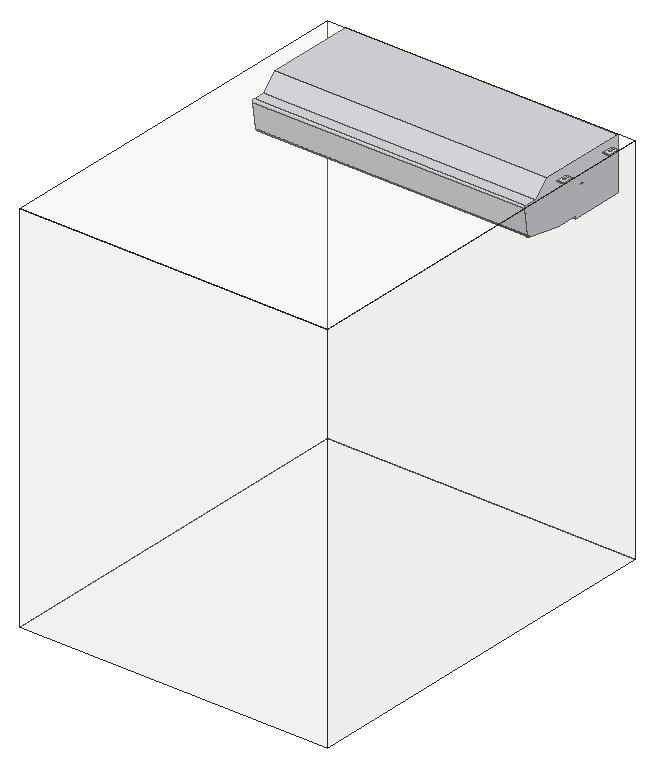
Revit family "pc-rp80_140ha21_60hz", category 機械設備, Revit 2019
Family settings
  丸型コネクタ寸法 = 直径を使用
  パーツ タイプ = 標準
  OmniClass 番号 = 23.75.10.24.21.27.27
  OmniClass タイトル = Split System Air Conditioning Units
  作業面ベース = いいえ
  常に垂直 = はい
  ロード時にボイドで切り取り = いいえ
  共有 = いいえ
  部屋計算ポイント = はい
Parameters (values of type "厨房天吊_PC-RP140HA21")
  風量_強 (m3/min) = 38
  風量_弱 (m3/min) = 28
  風量 = MAX風量  # 2280.0 m³/h
  音響パワーレベル_強 (dB) = 68
  音響パワーレベル_弱 (dB) = 61
  音響パワーレベル(dB) = [音響パワーレベル_強 (dB)]  # 68
  電源種別 = ""
  電源_H = 0 mm
  電圧 = 0 V
  電動機出力_送風機 = 0.16 kW
  運転質量 = 0.00 kg
  連動 = ""
  質量 = if(製品質量 > 運転質量, 製品質量, 運転質量) * 1.2  # 67.20 kg
  負荷分類 = 3_ファン類
  構成品番 = "PC-RP140HA21"
  冷媒液管位置 = 175 mm
  冷媒ガス管位置 = 197 mm
  ドレン管径 (外径) = 32 mm
  【値が 0 の項目は組合せ形名にてご確認ください】 = ""
  MIN風量 = [風量_弱 (m3/min)] * 60.0 m³/h  # 1680.0 m³/h
  MAX風量 = [風量_強 (m3/min)] * 60.0 m³/h  # 2280.0 m³/h
  サービススペース = yes
  ケーブルサイズ = 0 mm
  Version = ""
  URL = "https://www.mitsubishielectric.co.jp/ldg/wink/ssl/top.do"
  Line = not(Width = 1136 mm)  # yes
  説明 = "店舗・事務所用パッケージエアコン(Mr.SLIM) 厨房用(天吊形)"
  設計暖房能力 = 0.00 kW
  設計冷房能力_顕熱 = 0 kW
  設計冷房能力 = 0 kW
  設置方法 = "天井吊形"
  記号 = ""
  製造元 = "三菱電機株式会社"
  製品質量 = 56.00 kg
  製品出荷対象 = "国内"
  製品リリース年月 = ""
  製品グループ = ""
  系統 = ""
  符号 = "PAC_CRK"
  積算_科目 = "1 空気調和設備"
  積算_拾い区分 [instance] = ""
  相 = 1
  盤記号 = ""
  発停方法 = "付属スイッチ"
  特殊仕様 = ""
  火災停止 = ""
  消費電力_暖房 = 0.30 kW
  消費電力_冷房 = 0.30 kW
  消費電力 = if(消費電力_冷房 > 消費電力_暖房, 消費電力_冷房, 消費電力_暖房)  # 0.30 kW
  法定耐用年数 = "6"
  極数 = 1
  材質 = ""
  本体マテリアル = none
  有効加湿量 = 0
  暖房能力 = 14.00 kW
  推奨ブレーカー容量 = 0 A
  形式_加湿器 = ""
  形式 = "厨房用天井吊（露出）形"
  幹線記号 = ""
  始動方式 = "直入"
  呼称 = "室内機_厨房用天井吊（露出）形"
  周波数 = 60 Hz
  吊り位置Y = 320 mm
  吊り位置X = 1564 mm
  吊りボルト_H = 43 mm
  台数_手元リモコン = ""
  台数_冷媒分岐ユニット = ""
  参照している仕様書等のバージョン = "公共建築工事標準仕様書（機械設備工事編）平成31年度版"
  加湿給水管径 = 0.00 mm
  分類コード = "50053003123100"
  分類グループ = ""
  冷房能力 = 12.5 kW
  冷媒高低圧ガス管径 = 0.00 mm
  冷媒管径符号 = "Bd"
  冷媒管径 = 100.00 mm
  冷媒液管高さ = 165 mm
  冷媒液管径 = 9.52 mm
  冷媒ガス管高さ = 165 mm
  冷媒ガス管径 = 15.88 mm
  企業コード = "108420"
  付属品_フィルター = ""
  付属品 = ""
  仕様書バージョン = "Version1.0"
  Model = ""
  パネルマテリアル = none
  ドレン管高さ = 254 mm
  ドレン管径 = 25.00 mm
  コメント [instance] = ""
  ケーブル種類 = ""
  Width = 1520 mm
  Uniclass2015Version = "Systems v1.9"
  Uniclass2015Title = "Split coil remote air cooled condensing units"
  Uniclass2015Code = "Pr_70_65_03_84"
  SpecificationReference = ""
  SpecificationDescription = ""
  S_H = 295 mm
  Revision = ""
  ProductInformation = ""
  OmniClassCode = "23-33 17 13 11"
  IfcTypeProduct = ""
  IfcProduct = ""
  IfcExportType = "AIRCONDITIONINGUNIT"
  IfcExportAs = "IfcUnitaryEquipmentType"
  Height = 280 mm
  Depth = 650 mm
  価格 = 0
  Clearance Top = 2 mm
  Clearance Right = 100 mm
  Clearance Left = 100 mm
  Clearance Front = 1500 mm
  Clearance Bottom = 1800 mm
  Clearance Back = 0 mm
  Author = "三菱電機株式会社"
Types (2, lengths in mm): name | 風量_強 (m3/min) | 風量_弱 (m3/min) | 風量 | 音響パワーレベル_強 (dB) | 音響パワーレベル_弱 (dB) | 音響パワーレベル(dB) | 電動機出力_送風機 | 質量 | 構成品番 | MIN風量 | MAX風量 | Line | 製品質量 | 消費電力_暖房 | 消費電力_冷房 | 消費電力 | 暖房能力 | 吊り位置X | 冷房能力 | Width
  厨房天吊_PC-RP140HA21 | 38 | 28 | 2280.0 m³/h | 68 | 61 | 68 | 0.16 kW | 67.20 kg | "PC-RP140HA21" | 1680.0 m³/h | 2280.0 m³/h | yes | 56.00 kg | 0.30 kW | 0.30 kW | 0.30 kW | 14.00 kW | 1564 | 12.5 kW | 1520
  厨房天吊_PC-RP80HA21 | 17 | 15 | 1020.0 m³/h | 57 | 55 | 57 | 0.04 kW | 50.40 kg | "PC-RP80HA21" | 900.0 m³/h | 1020.0 m³/h | no | 42.00 kg | 0.13 kW | 0.13 kW | 0.13 kW | 8.00 kW | 1180 | 7.1 kW | 1136
Reference planes
  plane 1 "中心(正面/背面)": y = 0
  plane 2: z = 0
  plane 3 "中心(左/右)": x = 0
  plane 4: x = 523
  plane 5: z = 3835
  plane 6: x = 438
  plane 7: z = 3835
  plane 8: x = 463
  plane 9: z = 3746
  plane 10: x = 860
  plane 11: x = 760
  plane 12: x = -860
  plane 13: x = -760
  plane 14: y = -650
  plane 15: z = -280
  plane 16: y = -2150
  plane 17: x = -782
  plane 18: x = 782
  plane 19: z = -2095
  plane 20: z = -295
  plane 21: x = 750.3
  plane 22: y = -80
  plane 23: y = -400
  plane 24: y = -325
  plane 25: y = -197
  plane 26: y = -175
  plane 27: y = -70
  plane 28: z = -43
  plane 29: z = -165
  plane 30: z = -254
  plane 31: x = 715
  plane 32: x = 630
  plane 33: x = 655
  plane 34: x = 463
  plane 35: z = 3746
  plane 36: z = 2
  plane 37: z = -95
  plane 38: z = -165
Forms (mm)
  Extrusion 1, solid
    sketch origin (0, -325, -4000) x (0, 1, 0) y (0, 0, 1)
      loop
        line (325, 4000) -> (-171.734, 4000) -> (-246.938, 3924.796) -> (-313.202, 3924.796)
        arc (-313.202, 3924.796) -> (-322.395, 3920.509) -> (-325.02, 3910.712) r 12
        line (-325.02, 3910.712) -> (-299.97, 3768.648)
        arc (-299.97, 3768.648) -> (-294.972, 3759.046) -> (-285.369, 3754.047) r 18
        line (-285.369, 3754.047) -> (-92.277, 3720) -> (35.069, 3720) -> (35.069, 3705) -> (325, 3705) -> (325, 4000)
    from -760 to 760
  Extrusion 2, solid, detail levels fine
    sketch origin (0, 0, 0) x (0, 0, -1) y (-1, 0, 0)
      loop
        circle (165.005, -715) r 7.94
    from -325 to -197
  Extrusion 3, solid, detail levels fine
    sketch origin (0, 0, 0) x (0, 0, -1) y (-1, 0, 0)
      loop
        circle (165.005, -630) r 4.76
    from -175 to -325
  Extrusion 4, solid, detail levels fine
    sketch origin (0, 0, 0) x (0, 0, -1) y (-1, 0, 0)
      loop
        circle (254.005, -655) r 16
    from -70 to -325
  Extrusion 5, solid, detail levels fine
    sketch origin (0, 0, -4000) x (1, 0, 0) y (0, 1, 0)
      loop
        line (760, -370) -> (760, -430) -> (804, -430) -> (804, -370) -> (787, -370) -> (787, -400)
        arc (787, -400) -> (782, -405) -> (777, -400) r 5
        line (777, -400) -> (777, -370) -> (760, -370)
    from 3954.5 to 3959.5
  Extrusion 6, solid, detail levels fine
    sketch origin (0, 320, -4000) x (1, 0, 0) y (0, 1, 0)
      loop
        line (760, -370) -> (760, -430) -> (804, -430) -> (804, -370) -> (787, -370) -> (787, -400)
        arc (787, -400) -> (782, -405) -> (777, -400) r 5
        line (777, -400) -> (777, -370) -> (760, -370)
    from 3954.5 to 3959.5
  Extrusion 7, solid, detail levels fine
    sketch origin (-1180, 0, -4000) x (1, 0, 0) y (0, 1, 0)
      loop
        line (376, -370) -> (376, -430) -> (420, -430) -> (420, -370) -> (403, -370) -> (403, -400)
        arc (403, -400) -> (398, -405) -> (393, -400) r 5
        line (393, -400) -> (393, -370) -> (376, -370)
    from 3954.5 to 3959.5
  Extrusion 8, solid, detail levels fine
    sketch origin (-1180, 320, -4000) x (1, 0, 0) y (0, 1, 0)
      loop
        line (376, -370) -> (376, -430) -> (420, -430) -> (420, -370) -> (403, -370) -> (403, -400)
        arc (403, -400) -> (398, -405) -> (393, -400) r 5
        line (393, -400) -> (393, -370) -> (376, -370)
    from 3954.5 to 3959.5
  Extrusion 9, solid, detail levels fine
    sketch origin (-3.482, 0, 0) x (1, 0, 0) y (0, 0, 1)
      loop
        circle (675.982, -165) r 50
    from 0 to 5
  Extrusion 10, solid, detail levels fine
    sketch origin (0, 160, 0) x (0, 0, -1) y (-1, 0, 0)
      loop
        circle (254.005, -655) r 16
    from -160 to -165
Lines and regions (mm)
  model lines, detail levels fine
    curve 1: line (-685, -647.647, -102.744) -> (-685, -628.546, -211.073)
    curve 2: line (685, -647.647, -102.744) -> (685, -628.546, -211.073)
    curve 3: line (-685, -647.647, -102.744) -> (685, -647.647, -102.744)
    curve 4: line (685, -628.546, -211.073) -> (-685, -628.546, -211.073)
Dimensions and locks
  equal spacing: plane 13, plane 3 "中心(左/右)", plane 11
  "Width": plane 13 to plane 11
  "Clearance Right": plane 11 to plane 10
  "Clearance Left": plane 12 to plane 13
  "Depth": plane 14 to plane 1 "中心(正面/背面)"
  "Height": level to plane 15
  "Clearance Front": plane 16 to plane 14
  equal spacing: plane 17, plane 3 "中心(左/右)", plane 18
  "吊り位置X": plane 17 to plane 18
  "S_H": level to plane 20
  locked: plane 21 to plane 11 at 9.7
  locked: plane 22 to plane 1 "中心(正面/背面)" at 80
  "吊り位置Y": plane 22 to plane 23
  plane 27 to plane 1 "中心(正面/背面)" = 70 mm
  "冷媒液管位置": plane 26 to plane 1 "中心(正面/背面)"  (x2)
  "冷媒ガス管位置": plane 25 to plane 1 "中心(正面/背面)"  (x2)
  plane 24 to plane 25 = 128 mm
  plane 24 to plane 26 = 150 mm
  "Clearance Bottom": plane 20 to plane 19
  "吊りボルト_H": level to plane 28
  level to plane 29 = 165 mm
  level to plane 30 = 254 mm
  plane 31 to plane 11 = 45 mm
  plane 32 to plane 31 = 85 mm
  plane 33 to plane 11 = 105 mm
  "Clearance Back": plane 1 "中心(正面/背面)" to nested 1
  equal spacing: plane 32, Extrusion 9 sketch curve, plane 31
  "Clearance Top": plane 36 to plane 2
  "冷媒ガス管高さ": plane 2 to plane 29
  "冷媒液管高さ": Extrusion 1 to plane 38
  "冷媒液管径": diameter of Extrusion 3 sketch curve
  "冷媒ガス管径": diameter of Extrusion 2 sketch curve
  "ドレン管径 (外径)": diameter of Extrusion 4 sketch curve
  "ドレン管径 (外径)": diameter of Extrusion 10 sketch curve
  aligned and locked: level to plane 2
  aligned and locked: plane 11 to Extrusion 1
  aligned and locked: plane 13 to Extrusion 1
  aligned and locked: plane 12 to nested 1
  aligned and locked: nested 1 to plane 10
  aligned and locked: plane 17 to nested 2
  aligned and locked: nested 2 to plane 18
  aligned and locked: plane 20 to Extrusion 1
  aligned and locked: plane 19 to nested 1
  aligned and locked: plane 21 to nested 3
  aligned and locked: nested 1 to plane 16
  aligned and locked: plane 22 to nested 2
  aligned and locked: plane 23 to nested 2
  aligned and locked: plane 1 "中心(正面/背面)" to nested 1
  aligned and locked: plane 36 to nested 1
Automatic sketch dimensions
  Extrusion 1 sketch curve to level = 0 mm
  Extrusion 1 sketch curve to plane 15 = 0 mm
  Extrusion 1 sketch curve to plane 20 = 0 mm
  Extrusion 1 sketch curve to plane 1 "中心(正面/背面)" = 0 mm
  plane 24 to Extrusion 1 sketch curve = 35.069 mm
  Extrusion 1 sketch curve to plane 23 = 17.277 mm
  Extrusion 1 sketch curve to plane 23 = 96.734 mm
  Extrusion 1 sketch curve to plane 28 = 32.204 mm
  plane 14 to Extrusion 1 sketch curve = 78.062 mm
  plane 14 to Extrusion 1 sketch curve = 42.756 mm
  plane 30 to Extrusion 1 sketch curve = 8.047 mm
  Extrusion 1 sketch curve to Extrusion 1 sketch curve = 3.126 mm
  Extrusion 1 sketch curve to Extrusion 1 sketch curve = 17.727 mm
  plane 14 to Extrusion 1 sketch curve = 11.798 mm
  Extrusion 1 sketch curve to plane 14 = 0.02 mm
  Extrusion 1 sketch curve to Extrusion 1 sketch curve = 14.601 mm
  Extrusion 1 sketch curve to Extrusion 1 sketch curve = 14.084 mm
  Extrusion 1 to curve 3 = 13.664 mm
  curve 2 to Extrusion 1 = 20.591 mm
  Extrusion 1 to curve 1 = 75 mm
  Extrusion 1 to curve 3 = 75 mm
  Extrusion 5 sketch curve to plane 11 = 0 mm
  Extrusion 5 sketch curve to plane 23 = 0 mm
  Extrusion 5 sketch curve to plane 18 = 0 mm
  Extrusion 5 sketch curve to Extrusion 5 sketch curve = 5 mm
  Extrusion 5 sketch curve to plane 18 = 22 mm
  Extrusion 5 sketch curve to plane 23 = 30 mm
  plane 23 to Extrusion 5 sketch curve = 30 mm
  Extrusion 5 sketch curve to Extrusion 5 sketch curve = 0 mm
  Extrusion 6 sketch curve to plane 11 = 0 mm
  Extrusion 6 sketch curve to plane 22 = 0 mm
  Extrusion 6 sketch curve to plane 18 = 0 mm
  Extrusion 6 sketch curve to Extrusion 6 sketch curve = 5 mm
  Extrusion 6 sketch curve to plane 18 = 22 mm
  Extrusion 6 sketch curve to plane 22 = 30 mm
  plane 27 to Extrusion 6 sketch curve = 20 mm
  Extrusion 6 sketch curve to Extrusion 6 sketch curve = 0 mm
  Extrusion 7 sketch curve to plane 23 = 0 mm
  Extrusion 7 sketch curve to plane 17 = 0 mm
  Extrusion 7 sketch curve to plane 13 = 0 mm
  Extrusion 7 sketch curve to plane 17 = 5 mm
  Extrusion 7 sketch curve to plane 17 = 22 mm
  Extrusion 7 sketch curve to plane 23 = 30 mm
  plane 23 to Extrusion 7 sketch curve = 30 mm
  Extrusion 7 sketch curve to Extrusion 7 sketch curve = 0 mm
  Extrusion 8 sketch curve to plane 22 = 0 mm
  Extrusion 8 sketch curve to plane 17 = 0 mm
  Extrusion 8 sketch curve to plane 13 = 0 mm
  Extrusion 8 sketch curve to plane 17 = 5 mm
  Extrusion 8 sketch curve to plane 17 = 22 mm
  Extrusion 8 sketch curve to plane 22 = 30 mm
  plane 27 to Extrusion 8 sketch curve = 20 mm
  Extrusion 8 sketch curve to Extrusion 8 sketch curve = 0 mm
  Extrusion 9 sketch curve to plane 29 = 0 mm
  Extrusion 1 to Extrusion 2 sketch curve = 45 mm
  Extrusion 2 sketch curve to Extrusion 1 = 129.995 mm
  Extrusion 3 sketch curve to Extrusion 1 = 129.995 mm
  Extrusion 1 to Extrusion 3 sketch curve = 130 mm
  Extrusion 4 sketch curve to Extrusion 1 = 40.995 mm
  Extrusion 1 to Extrusion 4 sketch curve = 105 mm
  plane 33 to Extrusion 10 sketch curve = 0 mm
  Extrusion 10 sketch curve to plane 30 = 0.005 mm
  radius of Extrusion 9 sketch curve = 50 mm
Nested families
  nested 1: "サービススペース" at (0, -1075, -1046.5), visible <- "サービススペース", type "サービススペース", detail levels fine
    with Width 1720 mm, Height 2097 mm, Depth 2150 mm
  nested 2: "固定点" at (-782, -400, 0), type "固定点"
    with W 1564 mm, D 320 mm
  nested 3: "吸込口" at (0, 0, -4000), Width <- "Width", type "吸込口"
    with Width 1520 mm, Line yes
Connectors
  piping at (672.5, 0, -165), diameter 100, driven by "冷媒管径", driven by "冷媒管径符号"
    settings: on Extrusion 9, index 1, connector inside diameter 609.60 mm, connector length 0 mm, flow factor 0, pipe flow 0.0 L/s, pressure drop 0.0 Pa, fitting loss kfactor 0, connector angle 0.00°, fixture units 0, engagement length 0 mm, angle of deflection 0.00°, flow configuration 1, flow direction 1, fitting loss method 4, system type 7, joint type 0, gender type 0, connector reference index -1, connector utility 0, adjustable connector no, is connector primary yes, connector description "Bd"
  piping at (655, 0, -254.005), diameter 32, driven by "ドレン管径 (外径)"
    settings: on Extrusion 10, index 2, connector inside diameter 609.60 mm, connector length 0 mm, flow factor 0, pipe flow 0.0 L/s, pressure drop 0.0 Pa, fitting loss kfactor 0, connector angle 0.00°, fixture units 0, engagement length 0 mm, angle of deflection 0.00°, flow configuration 1, flow direction 2, fitting loss method 4, system type 16, joint type 0, gender type 0, connector reference index -1, connector utility 0, adjustable connector no, is connector primary no, connector description ""
  electrical at (760, -417.216, -169.727), driven by "極数", driven by "負荷分類", driven by "電圧", driven by "消費電力"
    settings: on Extrusion 1, index 3, voltage 0 V, apparent load 300 VA, apparent load phase1 0 VA, apparent load phase2 0 VA, apparent load phase3 0 VA, power factor 1, load classification "3_ファン類", number of poles 1, system type 30, power factor state 1, is connector primary yes, connector utility no, sub classification motor no, connector description ""
Definition of nested family "サービススペース"
  Parameters (values of type "サービススペース")
    Width [instance] = 500 mm
    Height [instance] = 500 mm
    Depth [instance] = 500 mm
  Reference planes
    plane 1 "中心(正面/背面)": y = 0
    plane 2: z = 0
    plane 3 "中心(左/右)": x = 0
    plane 4: y = -250
    plane 5: x = 250
    plane 6: y = 250
    plane 7: x = -250
    plane 8: z = 250
    plane 9: z = -250
  Forms (mm)
    Extrusion 1, solid
      sketch origin (-638.939, 0, 72.39) x (1, 0, 0) y (0, 1, 0)
        loop
          line (388.939, 250) -> (388.939, -250) -> (888.939, -250) -> (888.939, 250) -> (388.939, 250)
      from -322.39 to 177.61
  Lines and regions (mm)
    symbolic lines
      curve 1: line (-250, 0, 250) -> (250, 0, 250)
      curve 2: line (-250, 0, -250) -> (-250, 0, 250)
      curve 3: line (250, 0, -250) -> (-250, 0, -250)
      curve 4: line (250, 0, 250) -> (250, 0, -250)
      curve 5: line (0, -250, 250) -> (0, 250, 250)
      curve 6: line (0, -250, -250) -> (0, -250, 250)
      curve 7: line (0, 250, -250) -> (0, -250, -250)
      curve 8: line (0, 250, 250) -> (0, 250, -250)
      curve 9: line (-250, 250, 0) -> (250, 250, 0)
      curve 10: line (-250, -250, 0) -> (-250, 250, 0)
      curve 11: line (250, -250, 0) -> (-250, -250, 0)
      curve 12: line (250, 250, 0) -> (250, -250, 0)
  Dimensions and locks
    equal spacing: plane 7, plane 3 "中心(左/右)", plane 5
    equal spacing: plane 4, plane 1 "中心(正面/背面)", plane 6
    "Depth": plane 4 to plane 6
    "Width": plane 7 to plane 5
    equal spacing: plane 8, plane 2, plane 9
    "Height": plane 8 to plane 9
    aligned and locked: plane 9 to curve 3
    aligned and locked: plane 7 to curve 2
    aligned and locked: curve 4 to plane 5
    aligned and locked: plane 5 to Extrusion 1
    aligned and locked: Extrusion 1 to plane 7
    aligned and locked: Extrusion 1 to plane 9
    aligned and locked: plane 8 to Extrusion 1
    aligned and locked: plane 9 to curve 7
  Automatic sketch dimensions
    plane 4 to Extrusion 1 sketch curve = 0 mm
    Extrusion 1 sketch curve to plane 7 = 0 mm
    Extrusion 1 sketch curve to plane 5 = 0 mm
    plane 6 to Extrusion 1 sketch curve = 0 mm
    curve 2 to plane 8 = 0 mm
    plane 4 to curve 11 = 0 mm
    curve 11 to plane 7 = 0 mm
    curve 11 to plane 5 = 0 mm
    plane 6 to curve 10 = 0 mm
    curve 7 to plane 4 = 0 mm
    curve 7 to plane 6 = 0 mm
    curve 6 to plane 8 = 0 mm
Definition of nested family "固定点"
  Parameters (values of type "固定点")
    中心円 = 20 mm
    W [instance] = 1000 mm
    D [instance] = 1000 mm
  Reference planes
    plane 1 "中心(正面/背面)": y = 0
    plane 2: z = 0
    plane 3 "中心(左/右)": x = 0
    plane 4: x = 1000
    plane 5: y = 1000
  Lines and regions (mm)
    symbolic lines, detail levels fine
      curve 1: circle (0, 1000, 0) r 10 normal (0, 0, 1)
      curve 2: circle (0, 0, 0) r 10 normal (0, 0, 1)
      curve 3: circle (1000, 1000, 0) r 10 normal (0, 0, 1)
      curve 4: circle (1000, 0, 0) r 10 normal (0, 0, 1)
      curve 5: line (-200, 1000, 0) -> (1200, 1000, 0)
      curve 6: line (-200, 0, 0) -> (1200, 0, 0)
      curve 7: line (0, 1200, 0) -> (0, -200, 0)
      curve 8: line (1000, 1200, 0) -> (1000, -200, 0)
  Dimensions and locks
    "W": plane 3 "中心(左/右)" to plane 4
    "D": plane 1 "中心(正面/背面)" to plane 5
    "中心円": diameter of curve 1
    "中心円": diameter of curve 2
    "中心円": diameter of curve 3
    "中心円": diameter of curve 4
    aligned and locked: level to plane 2
    aligned and locked: plane 5 to curve 1
    aligned and locked: plane 3 "中心(左/右)" to curve 1
    aligned and locked: plane 3 "中心(左/右)" to curve 2
    aligned and locked: plane 1 "中心(正面/背面)" to curve 2
    aligned and locked: plane 4 to curve 3
    aligned and locked: plane 5 to curve 3
    aligned and locked: plane 1 "中心(正面/背面)" to curve 4
    aligned and locked: plane 4 to curve 4
    aligned and locked: plane 1 "中心(正面/背面)" to curve 6
    aligned and locked: curve 7 to plane 3 "中心(左/右)"
    aligned and locked: curve 8 to plane 4
  Automatic sketch dimensions
    curve 5 to plane 5 = 0 mm
    curve 6 to plane 3 "中心(左/右)" = 200 mm
    curve 5 to plane 3 "中心(左/右)" = 200 mm
    curve 4 to curve 6 = 200 mm
    curve 3 to curve 5 = 200 mm
    plane 1 "中心(正面/背面)" to curve 8 = 200 mm
    plane 1 "中心(正面/背面)" to curve 7 = 200 mm
    curve 3 to curve 8 = 200 mm
    curve 1 to curve 7 = 200 mm
Definition of nested family "吸込口"
  Parameters (values of type "吸込口")
    Width [instance] = 1136 mm
    Line [instance] = not(Width = 1136 mm)  # no
  Reference planes
    plane 1 "Center (Front/Back)": y = 0
    plane 2: z = 0
    plane 3 "Center (Left/Right)": x = 0
  Lines and regions (mm)
    model lines, visible <- "Line", detail levels fine
      curve 1: line (-376.3, -289.931, 3705) -> (-376.3, 0, 3705)
      curve 12: line (-391.3, 0, 3705) -> (-391.3, -289.931, 3705)
      curve 13: line (-750.3, -274.931, 3705) -> (-750.3, -15, 3705)
      curve 14: line (-401.3, -15, 3705) -> (-401.3, -274.931, 3705)
      curve 15: line (-750.3, -15, 3705) -> (-401.3, -15, 3705)
      curve 16: line (-401.3, -274.931, 3705) -> (-750.3, -274.931, 3705)
      curve 17: line (-750.3, -54.429, 3705) -> (-595.903, -274.931, 3705)
      curve 18: line (-401.3, -55, 3705) -> (-555.297, -274.931, 3705)
      curve 19: line (-750.3, -235.571, 3705) -> (-595.854, -15, 3705)
      curve 20: line (-401.3, -235, 3705) -> (-555.346, -15, 3705)
      curve 21: line (-750.3, -274.931, 3705) -> (-750.3, -15, 3705)
      curve 40: line (750.3, -274.931, 3705) -> (750.3, -15, 3705)
    model lines, detail levels fine
      curve 2: line (-7.7, 0, 3705) -> (-7.7, -289.931, 3705)
      curve 3: line (-366.3, -274.931, 3705) -> (-366.3, -15, 3705)
      curve 4: line (-17.7, -15, 3705) -> (-17.7, -274.931, 3705)
      curve 5: line (-366.3, -15, 3705) -> (-17.7, -15, 3705)
      curve 6: line (-17.7, -274.931, 3705) -> (-366.3, -274.931, 3705)
      curve 7: line (-366.3, -55, 3705) -> (-212.303, -274.931, 3705)
      curve 8: line (-17.7, -55, 3705) -> (-171.697, -274.931, 3705)
      curve 9: line (-366.3, -235, 3705) -> (-212.254, -15, 3705)
      curve 10: line (-17.7, -235, 3705) -> (-171.746, -15, 3705)
      curve 11: line (7.3, -289.931, 3705) -> (7.3, 0, 3705)
      curve 22: line (376.3, -289.931, 3705) -> (376.3, 0, 3705)
      curve 23: line (366.3, -274.931, 3705) -> (366.3, -15, 3705)
      curve 24: line (17.7, -15, 3705) -> (17.7, -274.931, 3705)
      curve 25: line (366.3, -15, 3705) -> (17.7, -15, 3705)
      curve 26: line (17.7, -274.931, 3705) -> (366.3, -274.931, 3705)
      curve 27: line (366.3, -55, 3705) -> (212.303, -274.931, 3705)
      curve 28: line (17.7, -55, 3705) -> (171.697, -274.931, 3705)
      curve 29: line (366.3, -235, 3705) -> (212.254, -15, 3705)
      curve 30: line (17.7, -235, 3705) -> (171.746, -15, 3705)
      curve 31: line (391.3, 0, 3705) -> (391.3, -289.931, 3705)
      curve 32: line (750.3, -274.931, 3705) -> (750.3, -15, 3705)
      curve 33: line (401.3, -15, 3705) -> (401.3, -274.931, 3705)
      curve 34: line (750.3, -15, 3705) -> (401.3, -15, 3705)
      curve 35: line (401.3, -274.931, 3705) -> (750.3, -274.931, 3705)
      curve 36: line (750.3, -54.429, 3705) -> (595.903, -274.931, 3705)
      curve 37: line (401.3, -55, 3705) -> (555.297, -274.931, 3705)
      curve 38: line (750.3, -235.571, 3705) -> (595.854, -15, 3705)
      curve 39: line (401.3, -235, 3705) -> (555.346, -15, 3705)
  Dimensions and locks
    aligned and locked: level to plane 2
